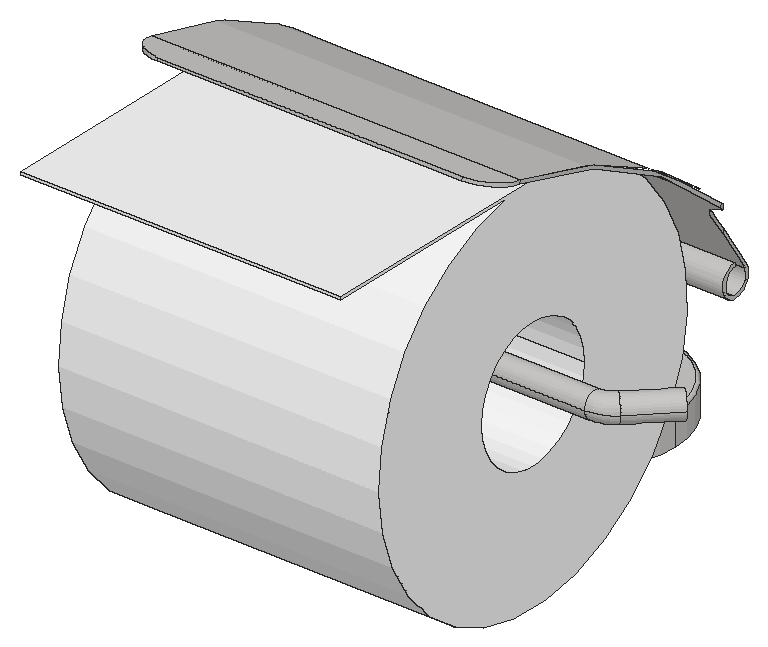
Revit family "PRD_FrankeWS_TltRllHldrs_MEDIUSToiletRollHolder_MEDX111HP", category Specialty Equipment, host Face, Revit 2018
Family settings
  Host = Face
  Round Connector Dimension = Use Diameter
  Part Type = Normal
  OmniClass Number = 23.40.20.21.21
  OmniClass Title = Toilet Paper Dispensers
  Cut with Voids When Loaded = No
  Shared = No
  Room Calculation Point = No
Parameters (values of type "MEDX111HP")
  WarrantyStartDate [instance] = "1900-12-31T23:59:59"
  WarrantyGuarantorParts = "n/a"
  WarrantyGuarantorLabor = "n/a"
  WarrantyDurationUnit = "year"
  WarrantyDurationParts = "n/a"
  WarrantyDurationLabor = "n/a"
  WarrantyDescription = "n/a"
  Version = "1"
  Uniclass2015Version = "Products v1.17"
  Uniclass2015Title = "Toilet roll holders"
  Uniclass2015Code = "Pr_40_20_76_88"
  URL = "www.kwc.com"
  TypeOfMounting = "Wall mounting"
  TypeOfFixing = "Screw"
  ToiletRollMaterial = PRD_AR_ToiletRoll
  TagNumber [instance] = "n/a"
  SustainabilityPerformance = "n/a"
  Style = "Roll holder"
  Spindle = "No"
  Size = "140 x 160 x 65 mm"
  Shape = "n/a"
  SerialNumber [instance] = "n/a"
  Revision = "n/a"
  ReplacementCost = "n/a"
  ProductInformation = "https://pim.kwc.com/product/2000106263/attachment/datasheet?locale=en"
  NominalWidth = 140.00 mm
  NominalHeight = 160.00 mm
  NominalDepth = 65.00 mm
  NetWeight = 0.27 kg
  Name = "Toilet roll holder MEDX111HP"
  NBSTypeID = "n/a"
  NBSReference = "45-35-72/368"
  NBSOfficeMasterTag = "n/a"
  NBSNote = "n/a"
  NBSDescription = "Toilet roll holders"
  NBSCertification = "n/a"
  ModelReference = "MEDX111HP"
  ModelNumber = "2000106263"
  Model = ModelReference  # "MEDX111HP"
  MaterialCode = "1.4301"
  Material = "stainless steel"
  ManufacturerURL = "www.kwc.com"
  ManufacturerName = "KWC Group AG"  # constant formula
  Manufacturer = ManufacturerName  # "KWC Group AG"
  MainColor = "stainless steel"
  Lock = "No lock"
  IsBuiltIn = "TRUE"
  IntegralAccessories = "incl. stainless steel screws and dowels"
  InstallationDate [instance] = "1900-12-31T23:59:59"
  IfcExportType = "USERDEFINED"
  IfcExportAs = "IfcFurnitureType"
  HolderMaterial = PRD_AR_StainlessSteel_HighPolished
  GrossWeight = 0.35 kg
  Grade = "n/a"
  Finish = "high polished"
  FillingQuantity = "1"
  Features = "stainless steel, surface high polished"
  ExpectedLife = "n/a"
  DurationUnit = "year"
  Description = "Toilet roll holder for wall mounting, 304 stainless steel, for 1 roll with max. diameter 130 mm, stainless steel folding cover, round cover to conceal the fixing of screws, inclusive stainless steel screws and dowels."
  Default Elevation = 600.00 mm
  CreateOn = "05/2020"  # constant formula
  Constituents = "n/a"
  Color = "n/a"
  CodePerformance = "n/a"
  Category = "Pr_40_20_76_88, Toilet roll holders"
  BarCode [instance] = "n/a"
  BIMObjectName = "PRD_AR_ToiletRollHolders_MEDIUSToiletRollHolder_MEDX111HP"
  Author = "Archispace"  # constant formula
  AssetType = "Fixed"
  AssetIdentifier [instance] = "n/a"
  AccessibilityPerformance = "n/a"
Reference planes
  plane 1 "Center (Front/Back)": y = 0
  plane 2: z = 0
  plane 3 "Center (Left/Right)": x = 0
  plane 4: through (0, -99.134, 128.738) normal (0, 0.1788, 0.9839)
Forms (mm)
  Extrusion 1, solid, material "PRD_AR_StainlessSteel_HighPolished" <- "HolderMaterial", detail levels fine
    sketch origin (270, 0, 0) x (1, 0, 0) y (0, 1, 0)
      loop
        circle (-270, 0) r 27
    from 0 to 10
  Sweep 2, solid, material "PRD_AR_StainlessSteel_HighPolished" <- "HolderMaterial", detail levels fine
    path origin (270, 0, 0) x (1, 0, 0) y (0, 0, 1)
      loop
        line (-270, 11) -> (-270, 65)
    profile origin (0, 0, 38) x (-1, 0, 0) y (0, -1, 0)
      loop
        circle (0, 0) r 9.5
  Extrusion 3, solid, material "PRD_AR_StainlessSteel_HighPolished" <- "HolderMaterial", detail levels medium
    sketch origin (270, 0, 0) x (1, 0, 0) y (0, 1, 0)
      loop
        circle (-270, 0) r 27
    from 0 to 10
  Sweep 4, void
    path in 3D
      loop
        arc (27, 0, 10) -> (0, -27, 10) -> (-27, 0, 10) r 27
        arc (-27, 0, 10) -> (0, 27, 10) -> (27, 0, 10) r 27
    profile origin (0, 27, 10) x (0, 1, 0) y (0, 0, 1)
      loop
        line (0, 0) -> (-1, 0)
        arc (-1, 0) -> (-0.293, -0.293) -> (0, -1) r 1
        line (0, -1) -> (0, 0)
  Sweep 5, void
    path in 3D
      loop
        arc (9.5, 0, 65) -> (0, -9.5, 65) -> (-9.5, 0, 65) r 9.5
        arc (-9.5, 0, 65) -> (0, 9.5, 65) -> (9.5, 0, 65) r 9.5
    profile origin (0, 9.5, 65) x (0, 1, 0) y (0, 0, 1)
      loop
        line (0, 0) -> (-1, 0)
        arc (-1, 0) -> (-0.293, -0.293) -> (0, -1) r 1
        line (0, -1) -> (0, 0)
  Sweep 6, solid, material "PRD_AR_StainlessSteel_HighPolished" <- "HolderMaterial", detail levels medium
    path origin (270, 0, 0) x (1, 0, 0) y (0, 0, 1)
      loop
        line (-270, 10) -> (-270, 65)
    profile origin (0, 0, 37.5) x (-1, 0, 0) y (0, -1, 0)
      loop
        circle (0, 0) r 9.5
  Sweep 7, solid, material "PRD_AR_StainlessSteel_HighPolished" <- "HolderMaterial", detail levels fine
    path origin (0, 0, 0) x (1, 0, 0) y (0, 1, 0)
      loop
        line (22.5, 0) -> (-52, 0)
        arc (-52, 0) -> (-57.657, -2.343) -> (-60, -8) r 8
        line (-60, -8) -> (-60, -61.5)
        arc (-60, -61.5) -> (-57.657, -67.157) -> (-52, -69.5) r 8
        line (-52, -69.5) -> (57.186, -69.5)
        arc (57.186, -69.5) -> (60.248, -68.891) -> (62.843, -67.157) r 8
        line (62.843, -67.157) -> (74.289, -55.711)
    profile origin (-14.75, 0, 0) x (0, -1, 0) y (0, 0, 1)
      loop
        circle (0, 53) r 4
  Revolve 8, solid, material "PRD_AR_StainlessSteel_HighPolished" <- "HolderMaterial", detail levels fine
    sketch origin (0, 0, 53) x (1, 0, 0) y (0, 1, 0)
      loop
        line (-35.5, 4) -> (-35.5, 4.804) -> (-45.5, 4.804) -> (-45.5, 5.604) -> (-46.5, 5.604) -> (-46.5, 4) -> (-35.5, 4)
      loop
        line (-22.5, 4) -> (-11.5, 4) -> (-11.5, 5.604) -> (-12.5, 5.604) -> (-12.5, 4.804) -> (-22.5, 4.804) -> (-22.5, 4)
      loop
        line (22.5, 4) -> (22.5, 4.804) -> (12.5, 4.804) -> (12.5, 5.604) -> (11.5, 5.604) -> (11.5, 4) -> (22.5, 4)
      axis (-46.5, 0) -> (22.5, 0)
    angle from 0 to 360
  Extrusion 9, solid, material "PRD_AR_StainlessSteel_HighPolished" <- "HolderMaterial", detail levels fine
    sketch origin (0, 0, 0) x (0, 1, 0) y (0, 0, 1)
      loop
        arc (-99.312, 127.754) -> (-39.852, 102.762) -> (3.474, 54.982) r 149
        arc (3.474, 54.982) -> (3.284, 50.716) -> (-0.649, 49.053) r 4
        arc (-0.649, 49.053) -> (-3.994, 53.214) -> (-0.223, 56.994) r 4
        line (-0.223, 56.994) -> (-0.279, 57.992)
        arc (-0.279, 57.992) -> (-4.993, 53.268) -> (-0.812, 48.066) r 5
        arc (-0.812, 48.066) -> (4.105, 50.145) -> (4.343, 55.477) r 5
        arc (4.343, 55.477) -> (-39.275, 103.578) -> (-99.134, 128.738) r 150
        line (-99.134, 128.738) -> (-108.973, 130.526) -> (-109.151, 129.542) -> (-99.312, 127.754)
    from -57.5 to 57.5
  Extrusion 10, void
    sketch origin (0, 0, 0) x (1, 0, 0) y (0, 1, 0)
      loop
        line (-45.5, 7.588) -> (-59.5, 7.588) -> (-59.5, -20.594) -> (-57.5, -20.594)
        arc (-57.5, -20.594) -> (-57.079, -19.367) -> (-55.994, -18.656) r 2
        arc (-55.994, -18.656) -> (-48.432, -13.701) -> (-45.5, -5.148) r 13.94
        line (-45.5, -5.148) -> (-45.5, 7.588)
      loop
        line (45.5, 7.588) -> (45.5, -5.148)
        arc (45.5, -5.148) -> (48.432, -13.701) -> (55.994, -18.656) r 13.94
        arc (55.994, -18.656) -> (57.079, -19.367) -> (57.5, -20.594) r 2
        line (57.5, -20.594) -> (59.5, -20.594) -> (59.5, 7.588) -> (45.5, 7.588)
      loop
        line (-12.5, 5.604) -> (-12.5, 2.228)
        spline (-12.5, 2.228) -> (-12.074, -0.03) -> (-10.825, -2.134) -> (-8.839, -3.941) -> (-6.25, -5.327) -> (-3.235, -6.198) -> (0, -6.495) -> (3.235, -6.198) -> (6.25, -5.327) -> (8.839, -3.941) -> (10.825, -2.134) -> (12.074, -0.03) -> (12.5, 2.228)
        line (12.5, 2.228) -> (12.5, 5.604) -> (-12.5, 5.604)
    from 43.525 to 95.585
  Extrusion 11, void
    sketch origin (0, -99.134, 128.738) x (0, 0.983891, -0.178771) y (-1, 0, 0)
      loop
        line (-10, 57.5) -> (-10, 47.5)
        arc (-10, 47.5) -> (-7.071, 54.571) -> (0, 57.5) r 10
        line (0, 57.5) -> (-10, 57.5)
      loop
        line (-10, -57.5) -> (0, -57.5)
        arc (0, -57.5) -> (-7.071, -54.571) -> (-10, -47.5) r 10
        line (-10, -47.5) -> (-10, -57.5)
    from -3.872 to 2.197
  Extrusion 12, solid, material "PRD_AR_ToiletRoll" <- "ToiletRollMaterial", detail levels fine
    sketch origin (0, 0, 0) x (0, 1, 0) y (0, 0, 1)
      loop
        circle (-84.665, 60) r 20.25
      loop
        line (-84.665, 120) -> (-159.665, 120) -> (-159.665, 119.2) -> (-94.43, 119.2)
        arc (-94.43, 119.2) -> (-79.766, 0.2) -> (-84.665, 120) r 60
    from -50 to 50
  Extrusion 13, solid, material "PRD_AR_StainlessSteel_HighPolished" <- "HolderMaterial", detail levels coarse
    sketch origin (0, 0, 0) x (0, 1, 0) y (0, 0, 1)
      loop
        line (30, 0) -> (30, 65) -> (-1.571, 65)
        arc (-1.571, 65) -> (-43.909, 106.731) -> (-99.134, 128.738) r 150
        line (-99.134, 128.738) -> (-144.665, 137.011) -> (-144.665, 0) -> (30, 0)
    from -64 to 77.5
  Sweep 14, solid, material "PRD_AR_StainlessSteel_HighPolished" <- "HolderMaterial", detail levels fine
    path origin (0, 0, 0) x (1, 0, 0) y (0, 1, 0)
      loop
        line (22.5, 0) -> (-52, 0)
        arc (-52, 0) -> (-57.657, -2.343) -> (-60, -8) r 8
        line (-60, -8) -> (-60, -61.5)
        arc (-60, -61.5) -> (-57.657, -67.157) -> (-52, -69.5) r 8
        line (-52, -69.5) -> (57.186, -69.5)
        arc (57.186, -69.5) -> (60.248, -68.891) -> (62.843, -67.157) r 8
        line (62.843, -67.157) -> (74.289, -55.711)
    profile origin (-14.75, 0, 0) x (0, -1, 0) y (0, 0, 1)
      loop
        circle (0, 53) r 4
  Extrusion 15, solid, material "PRD_AR_StainlessSteel_HighPolished" <- "HolderMaterial", detail levels medium
    sketch origin (0, 0, 0) x (0, 1, 0) y (0, 0, 1)
      loop
        arc (-99.312, 127.754) -> (-41.098, 103.634) -> (1.941, 57.608) r 149
        arc (1.941, 57.608) -> (-4.804, 54.386) -> (-0.812, 48.066) r 5
        arc (-0.812, 48.066) -> (4.105, 50.145) -> (4.343, 55.477) r 5
        arc (4.343, 55.477) -> (-39.275, 103.578) -> (-99.134, 128.738) r 150
        line (-99.134, 128.738) -> (-108.973, 130.526) -> (-109.151, 129.542) -> (-99.312, 127.754)
    from -57.5 to 57.5
  Extrusion 16, solid, material "PRD_AR_ToiletRoll" <- "ToiletRollMaterial", detail levels medium
    sketch origin (0, 0, 0) x (0, 1, 0) y (0, 0, 1)
      loop
        circle (-84.665, 60) r 60
    from -50 to 50
  Revolve 17, solid, material "PRD_AR_StainlessSteel_HighPolished" <- "HolderMaterial", detail levels fine
    sketch origin (0, 0, 0) x (0, 1, 0) y (0, 0, 1)
      loop
        line (0, 10) -> (12, 10) -> (11, 11) -> (0, 11) -> (0, 10)
      axis (0, 11) -> (0, 10)
    angle from 0 to 360
Cuts and joins
  Sweep 4 cuts Extrusion 1
  Sweep 5 cuts Sweep 2
  joined: Sweep 2, Revolve 8, Sweep 14
  Extrusion 10, Extrusion 11 cuts Extrusion 9
  joined: Sweep 6, Extrusion 15
Lines and regions (mm)
  sketch lines
    curve 1: arc (-27, 0, 10) -> (0, 27, 10) -> (27, 0, 10) r 27
    curve 2: arc (27, 0, 10) -> (0, -27, 10) -> (-27, 0, 10) r 27
    curve 3: arc (-9.5, 0, 65) -> (0, 9.5, 65) -> (9.5, 0, 65) r 9.5
    curve 4: arc (9.5, 0, 65) -> (0, -9.5, 65) -> (-9.5, 0, 65) r 9.5
Dimensions and locks
  aligned and locked: plane 2 to host face
  aligned and locked: level to host face
